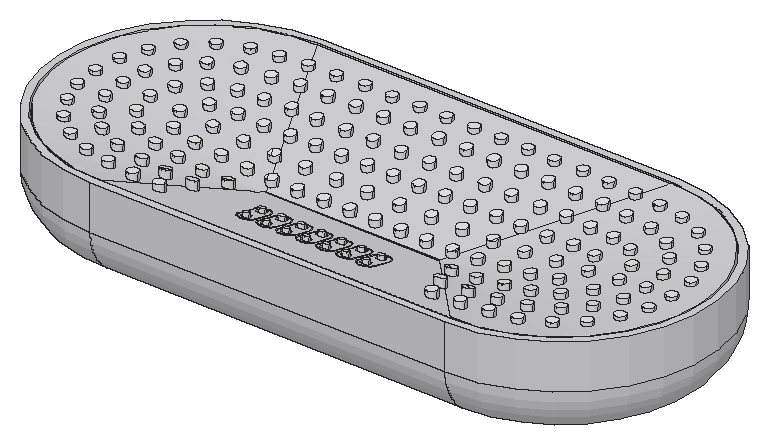
Revit family "Shower-Showerhead-KOHLER-K-26297IN", category Plumbing Fixtures, host Face, Revit 2017 (continued)
Definition of nested family "K-26297IN"
  Lines and regions (in)
    symbolic lines, detail levels medium+fine
      curve 97: spline (1.02287, -2.15811, 0) -> (1.0251, -2.17874, 0) -> (1.03284, -2.19808, 0) -> (1.04554, -2.21475, 0) -> (1.06231, -2.22757, 0) -> (1.08195, -2.23565, 0) -> (1.1031, -2.2384, 0) -> (1.12424, -2.23565, 0) -> (1.14388, -2.22757, 0) -> (1.16065, -2.21475, 0) -> (1.17335, -2.19808, 0) -> (1.18109, -2.17874, 0) -> (1.18333, -2.15811, 0)
      curve 98: spline (1.18333, -2.15811, 0) -> (1.18109, -2.13748, 0) -> (1.17335, -2.11815, 0) -> (1.16065, -2.10148, 0) -> (1.14388, -2.08865, 0) -> (1.12424, -2.08058, 0) -> (1.1031, -2.07782, 0) -> (1.08195, -2.08058, 0) -> (1.06231, -2.08865, 0) -> (1.04554, -2.10148, 0) -> (1.03284, -2.11815, 0) -> (1.0251, -2.13748, 0) -> (1.02287, -2.15811, 0)
      curve 99: spline (1.22752, -2.15811, 0) -> (1.22406, -2.19011, 0) -> (1.21205, -2.22009, 0) -> (1.19235, -2.24594, 0) -> (1.16635, -2.26583, 0) -> (1.13588, -2.27835, 0) -> (1.1031, -2.28263, 0) -> (1.07031, -2.27835, 0) -> (1.03984, -2.26583, 0) -> (1.01384, -2.24594, 0) -> (0.99414, -2.22009, 0) -> (0.98213, -2.19011, 0) -> (0.97867, -2.15811, 0)
      curve 100: spline (0.97867, -2.15811, 0) -> (0.98213, -2.12611, 0) -> (0.99414, -2.09613, 0) -> (1.01384, -2.07028, 0) -> (1.03984, -2.0504, 0) -> (1.07031, -2.03787, 0) -> (1.1031, -2.0336, 0) -> (1.13588, -2.03787, 0) -> (1.16635, -2.0504, 0) -> (1.19235, -2.07028, 0) -> (1.21205, -2.09613, 0) -> (1.22406, -2.12611, 0) -> (1.22752, -2.15811, 0)
      curve 101: spline (1.18333, -2.69773, 0) -> (1.18109, -2.6771, 0) -> (1.17335, -2.65776, 0) -> (1.16065, -2.6411, 0) -> (1.14388, -2.62827, 0) -> (1.12424, -2.6202, 0) -> (1.1031, -2.61744, 0) -> (1.08195, -2.6202, 0) -> (1.06231, -2.62827, 0) -> (1.04554, -2.6411, 0) -> (1.03284, -2.65776, 0) -> (1.0251, -2.6771, 0) -> (1.02287, -2.69773, 0)
      curve 102: spline (1.02287, -2.69773, 0) -> (1.0251, -2.71836, 0) -> (1.03284, -2.73769, 0) -> (1.04554, -2.75436, 0) -> (1.06231, -2.76719, 0) -> (1.08195, -2.77526, 0) -> (1.1031, -2.77802, 0) -> (1.12424, -2.77526, 0) -> (1.14388, -2.76719, 0) -> (1.16065, -2.75436, 0) -> (1.17335, -2.73769, 0) -> (1.18109, -2.71836, 0) -> (1.18333, -2.69773, 0)
      curve 103: spline (0.97867, -2.69773, 0) -> (0.98213, -2.66573, 0) -> (0.99414, -2.63575, 0) -> (1.01384, -2.6099, 0) -> (1.03984, -2.59001, 0) -> (1.07031, -2.57749, 0) -> (1.1031, -2.57321, 0) -> (1.13588, -2.57749, 0) -> (1.16635, -2.59001, 0) -> (1.19235, -2.6099, 0) -> (1.21205, -2.63575, 0) -> (1.22406, -2.66573, 0) -> (1.22752, -2.69773, 0)
      curve 104: spline (1.22752, -2.69773, 0) -> (1.22406, -2.72973, 0) -> (1.21205, -2.75971, 0) -> (1.19235, -2.78556, 0) -> (1.16635, -2.80544, 0) -> (1.13588, -2.81797, 0) -> (1.1031, -2.82224, 0) -> (1.07031, -2.81797, 0) -> (1.03984, -2.80544, 0) -> (1.01384, -2.78556, 0) -> (0.99414, -2.75971, 0) -> (0.98213, -2.72973, 0) -> (0.97867, -2.69773, 0)
      curve 105: line (0.88549, -2.15417, 0) -> (0.88549, -2.68321, 0)
      curve 106: spline (0.88634, -2.68324, 0) -> (0.89236, -2.73879, 0) -> (0.9132, -2.79083, 0) -> (0.9474, -2.83571, 0) -> (0.99254, -2.87023, 0) -> (1.04544, -2.89197, 0) -> (1.10236, -2.89939, 0) -> (1.15928, -2.89197, 0) -> (1.21218, -2.87023, 0) -> (1.25732, -2.83571, 0) -> (1.29152, -2.79083, 0) -> (1.31237, -2.73879, 0) -> (1.31838, -2.68324, 0)
      curve 107: line (1.31923, -2.68321, 0) -> (1.31923, -2.15417, 0)
      curve 108: spline (1.31838, -2.15415, 0) -> (1.31237, -2.0986, 0) -> (1.29152, -2.04655, 0) -> (1.25732, -2.00168, 0) -> (1.21218, -1.96716, 0) -> (1.15928, -1.94541, 0) -> (1.10236, -1.93799, 0) -> (1.04544, -1.94541, 0) -> (0.99254, -1.96716, 0) -> (0.9474, -2.00168, 0) -> (0.9132, -2.04655, 0) -> (0.89236, -2.0986, 0) -> (0.88634, -2.15415, 0)
      curve 109: line (1.77919, -2.15811, 0) -> (1.77919, -2.69773, 0)
      curve 110: line (1.52986, -2.15813, 0) -> (1.52986, -2.69774, 0)
      curve 111: line (1.88616, -2.68321, 0) -> (1.88616, -2.15417, 0)
      curve 112: arc (1.88616, -2.15417, 0) -> (1.65354, -1.92156, 0) -> (1.42092, -2.15417, 0) r 0.23262
      curve 113: line (1.42092, -2.15417, 0) -> (1.42092, -2.68321, 0)
      curve 114: arc (1.42092, -2.68321, 0) -> (1.65354, -2.91583, 0) -> (1.88616, -2.68321, 0) r 0.23262
      curve 115: spline (1.57405, -2.15811, 0) -> (1.57628, -2.17874, 0) -> (1.58402, -2.19808, 0) -> (1.59672, -2.21475, 0) -> (1.61349, -2.22757, 0) -> (1.63314, -2.23565, 0) -> (1.65428, -2.2384, 0) -> (1.67542, -2.23565, 0) -> (1.69507, -2.22757, 0) -> (1.71183, -2.21475, 0) -> (1.72453, -2.19808, 0) -> (1.73227, -2.17874, 0) -> (1.73451, -2.15811, 0)
      curve 116: spline (1.73451, -2.15811, 0) -> (1.73227, -2.13748, 0) -> (1.72453, -2.11815, 0) -> (1.71183, -2.10148, 0) -> (1.69507, -2.08865, 0) -> (1.67542, -2.08058, 0) -> (1.65428, -2.07782, 0) -> (1.63314, -2.08058, 0) -> (1.61349, -2.08865, 0) -> (1.59672, -2.10148, 0) -> (1.58402, -2.11815, 0) -> (1.57628, -2.13748, 0) -> (1.57405, -2.15811, 0)
      curve 117: spline (1.7787, -2.15811, 0) -> (1.77524, -2.19011, 0) -> (1.76323, -2.22009, 0) -> (1.74354, -2.24594, 0) -> (1.71753, -2.26583, 0) -> (1.68706, -2.27835, 0) -> (1.65428, -2.28263, 0) -> (1.62149, -2.27835, 0) -> (1.59102, -2.26583, 0) -> (1.56502, -2.24594, 0) -> (1.54532, -2.22009, 0) -> (1.53332, -2.19011, 0) -> (1.52986, -2.15811, 0)
      curve 118: spline (1.52986, -2.15811, 0) -> (1.53332, -2.12611, 0) -> (1.54532, -2.09613, 0) -> (1.56502, -2.07028, 0) -> (1.59102, -2.0504, 0) -> (1.62149, -2.03787, 0) -> (1.65428, -2.0336, 0) -> (1.68706, -2.03787, 0) -> (1.71753, -2.0504, 0) -> (1.74354, -2.07028, 0) -> (1.76323, -2.09613, 0) -> (1.77524, -2.12611, 0) -> (1.7787, -2.15811, 0)
      curve 119: spline (1.73451, -2.69773, 0) -> (1.73227, -2.6771, 0) -> (1.72453, -2.65776, 0) -> (1.71183, -2.6411, 0) -> (1.69507, -2.62827, 0) -> (1.67542, -2.6202, 0) -> (1.65428, -2.61744, 0) -> (1.63314, -2.6202, 0) -> (1.61349, -2.62827, 0) -> (1.59672, -2.6411, 0) -> (1.58402, -2.65776, 0) -> (1.57628, -2.6771, 0) -> (1.57405, -2.69773, 0)
      curve 120: spline (1.57405, -2.69773, 0) -> (1.57628, -2.71836, 0) -> (1.58402, -2.73769, 0) -> (1.59672, -2.75436, 0) -> (1.61349, -2.76719, 0) -> (1.63314, -2.77526, 0) -> (1.65428, -2.77802, 0) -> (1.67542, -2.77526, 0) -> (1.69507, -2.76719, 0) -> (1.71183, -2.75436, 0) -> (1.72453, -2.73769, 0) -> (1.73227, -2.71836, 0) -> (1.73451, -2.69773, 0)
      curve 121: spline (1.52986, -2.69773, 0) -> (1.53332, -2.66573, 0) -> (1.54532, -2.63575, 0) -> (1.56502, -2.6099, 0) -> (1.59102, -2.59001, 0) -> (1.62149, -2.57749, 0) -> (1.65428, -2.57321, 0) -> (1.68706, -2.57749, 0) -> (1.71753, -2.59001, 0) -> (1.74354, -2.6099, 0) -> (1.76323, -2.63575, 0) -> (1.77524, -2.66573, 0) -> (1.7787, -2.69773, 0)
      curve 122: spline (1.7787, -2.69773, 0) -> (1.77524, -2.72973, 0) -> (1.76323, -2.75971, 0) -> (1.74354, -2.78556, 0) -> (1.71753, -2.80544, 0) -> (1.68706, -2.81797, 0) -> (1.65428, -2.82224, 0) -> (1.62149, -2.81797, 0) -> (1.59102, -2.80544, 0) -> (1.56502, -2.78556, 0) -> (1.54532, -2.75971, 0) -> (1.53332, -2.72973, 0) -> (1.52986, -2.69773, 0)
      curve 123: line (1.43667, -2.15417, 0) -> (1.43667, -2.68321, 0)
      curve 124: spline (1.43753, -2.68324, 0) -> (1.44354, -2.73879, 0) -> (1.46438, -2.79083, 0) -> (1.49858, -2.83571, 0) -> (1.54373, -2.87023, 0) -> (1.59662, -2.89197, 0) -> (1.65354, -2.89939, 0) -> (1.71046, -2.89197, 0) -> (1.76336, -2.87023, 0) -> (1.8085, -2.83571, 0) -> (1.8427, -2.79083, 0) -> (1.86355, -2.73879, 0) -> (1.86956, -2.68324, 0)
      curve 125: line (1.87041, -2.68321, 0) -> (1.87041, -2.15417, 0)
      curve 126: spline (1.86956, -2.15415, 0) -> (1.86355, -2.0986, 0) -> (1.8427, -2.04655, 0) -> (1.8085, -2.00168, 0) -> (1.76336, -1.96716, 0) -> (1.71046, -1.94541, 0) -> (1.65354, -1.93799, 0) -> (1.59662, -1.94541, 0) -> (1.54373, -1.96716, 0) -> (1.49858, -2.00168, 0) -> (1.46438, -2.04655, 0) -> (1.44354, -2.0986, 0) -> (1.43753, -2.15415, 0)
      curve 127: line (-0.94557, 0, 0.79528) -> (0.94557, 0, 0.79528)
      curve 128: arc (-0.79494, 0, 0.44705) -> (-0.84879, 0, 0.39319) -> (-0.79494, 0, 0.33934) r 0.05385
      curve 129: line (-0.79494, 0, 0.33934) -> (-0.09031, 0, 0.33934)
      curve 130: line (-0.09068, 0, 0.44705) -> (-0.79494, 0, 0.44705)
      curve 131: line (0.79494, 0, 0.44705) -> (0.09068, 0, 0.44705)
      curve 132: arc (0.79494, 0, 0.33934) -> (0.84879, 0, 0.39319) -> (0.79494, 0, 0.44705) r 0.05385
      curve 133: line (0.09031, 0, 0.33934) -> (0.79494, 0, 0.33934)
      curve 134: arc (0, 0, 0.28819) -> (0.10531, 0, 0.3935) -> (0, 0, 0.49881) r 0.10531
      curve 135: arc (0, 0, 0.49881) -> (-0.10531, 0, 0.3935) -> (0, 0, 0.28819) r 0.10531
      curve 136: arc (0, 0, 0.47319) -> (-0.07969, 0, 0.3935) -> (0, 0, 0.31381) r 0.07969
      curve 137: arc (0, 0, 0.31381) -> (0.07969, 0, 0.3935) -> (0, 0, 0.47319) r 0.07969
      curve 138: line (-0.66799, 0, 0.33934) -> (-0.66799, 0, 0.44705)
      curve 139: line (-0.19815, 0, 0.44705) -> (-0.19815, 0, 0.33934)
      curve 140: line (0.19815, 0, 0.33934) -> (0.19815, 0, 0.44705)
      curve 141: line (0.66799, 0, 0.44705) -> (0.66799, 0, 0.33934)
      curve 142: line (-0.94557, 0, 0.03205) -> (0.94557, 0, 0.03205)
      curve 145: circle (0, 3.11243, 0) r 0.14404 normal (0, 0, 1)
      curve 146: circle (0.38349, 2.36942, 0) r 0.14404 normal (0, 0, 1)
      curve 147: circle (0.7502, 3.10763, 0) r 0.14404 normal (0, 0, 1)
      curve 148: circle (0.01285, 1.54978, 0) r 0.14404 normal (0, 0, 1)
      curve 149: circle (0.35658, 0.757, 0) r 0.14404 normal (0, 0, 1)
      curve 150: circle (0.35658, -0.74541, 0) r 0.14404 normal (0, 0, 1)
      curve 151: circle (1.06442, -0.75511, 0) r 0.14404 normal (0, 0, 1)
      curve 152: circle (1.78195, -0.7648, 0) r 0.14404 normal (0, 0, 1)
      curve 153: circle (2.49948, -0.7648, 0) r 0.14404 normal (0, 0, 1)
      curve 154: circle (3.18793, -0.74541, 0) r 0.14404 normal (0, 0, 1)
      curve 155: circle (3.09096, -1.53082, 0) r 0.14404 normal (0, 0, 1)
      curve 156: circle (3.7988, -1.55021, 0) r 0.14404 normal (0, 0, 1)
      curve 157: circle (3.43034, -2.33562, 0) r 0.14404 normal (0, 0, 1)
      curve 158: circle (3.76971, -3.06285, 0) r 0.14404 normal (0, 0, 1)
      curve 159: circle (4.52603, -3.03376, 0) r 0.14404 normal (0, 0, 1)
      curve 160: circle (4.18665, -2.32592, 0) r 0.14404 normal (0, 0, 1)
      curve 161: circle (4.51633, -1.49203, 0) r 0.14404 normal (0, 0, 1)
      curve 162: circle (4.91388, -2.23866, 0) r 0.14404 normal (0, 0, 1)
      curve 163: circle (5.26295, -2.95619, 0) r 0.14404 normal (0, 0, 1)
      curve 164: circle (5.97079, -2.83983, 0) r 0.14404 normal (0, 0, 1)
      curve 165: circle (5.6702, -2.13199, 0) r 0.14404 normal (0, 0, 1)
      curve 166: circle (6.35865, -1.81201, 0) r 0.14404 normal (0, 0, 1)
      curve 167: circle (6.66893, -2.51985, 0) r 0.14404 normal (0, 0, 1)
      curve 168: circle (6.83813, -1.32138, 0) r 0.14404 normal (0, 0, 1)
      curve 169: circle (7.25072, -2.03503, 0) r 0.14404 normal (0, 0, 1)
      curve 170: circle (7.65215, -1.39943, 0) r 0.14404 normal (0, 0, 1)
      curve 171: circle (7.90862, -0.73038, 0) r 0.14404 normal (0, 0, 1)
      curve 172: circle (7.17266, -0.68578, 0) r 0.14404 normal (0, 0, 1)
      curve 173: circle (6.32519, -0.66348, 0) r 0.14404 normal (0, 0, 1)
      curve 174: circle (5.84571, -1.19872, 0) r 0.14404 normal (0, 0, 1)
      curve 175: circle (5.19896, -1.42173, 0) r 0.14404 normal (0, 0, 1)
      curve 176: circle (5.33277, -0.61887, 0) r 0.14404 normal (0, 0, 1)
      curve 177: circle (4.64142, -0.74153, 0) r 0.14404 normal (0, 0, 1)
      curve 178: circle (3.91661, -0.73038, 0) r 0.14404 normal (0, 0, 1)
      curve 179: circle (2.49948, 0.7648, 0) r 0.14404 normal (0, 0, -1)
      curve 180: circle (3.18793, 0.74541, 0) r 0.14404 normal (0, 0, -1)
      curve 181: circle (3.09096, 1.53082, 0) r 0.14404 normal (0, 0, -1)
      curve 182: circle (3.7988, 1.55021, 0) r 0.14404 normal (0, 0, -1)
      curve 183: circle (3.43034, 2.33562, 0) r 0.14404 normal (0, 0, -1)
      curve 184: circle (3.76971, 3.06285, 0) r 0.14404 normal (0, 0, -1)
      curve 185: circle (4.52603, 3.03376, 0) r 0.14404 normal (0, 0, -1)
      curve 186: circle (4.18665, 2.32592, 0) r 0.14404 normal (0, 0, -1)
      curve 187: circle (4.51633, 1.49203, 0) r 0.14404 normal (0, 0, -1)
      curve 188: circle (4.91388, 2.23866, 0) r 0.14404 normal (0, 0, -1)
      curve 189: circle (5.26295, 2.95619, 0) r 0.14404 normal (0, 0, -1)
      curve 190: circle (5.97079, 2.83983, 0) r 0.14404 normal (0, 0, -1)
      curve 191: circle (5.6702, 2.13199, 0) r 0.14404 normal (0, 0, -1)
      curve 192: circle (6.35865, 1.81201, 0) r 0.14404 normal (0, 0, -1)
      curve 193: circle (6.66893, 2.51985, 0) r 0.14404 normal (0, 0, -1)
      curve 194: circle (6.83813, 1.32138, 0) r 0.14404 normal (0, 0, -1)
      curve 195: circle (7.25072, 2.03503, 0) r 0.14404 normal (0, 0, -1)
      curve 196: circle (7.65215, 1.39943, 0) r 0.14404 normal (0, 0, -1)
      curve 197: circle (7.90862, 0.73038, 0) r 0.14404 normal (0, 0, -1)
      curve 198: circle (7.17266, 0.68578, 0) r 0.14404 normal (0, 0, -1)
      curve 199: circle (6.32519, 0.66348, 0) r 0.14404 normal (0, 0, -1)
      curve 200: circle (5.84571, 1.19872, 0) r 0.14404 normal (0, 0, -1)
      curve 201: circle (5.19896, 1.42173, 0) r 0.14404 normal (0, 0, -1)
      curve 202: circle (5.33277, 0.61887, 0) r 0.14404 normal (0, 0, -1)
      curve 203: circle (4.64142, 0.74153, 0) r 0.14404 normal (0, 0, -1)
      curve 204: circle (3.91661, 0.73038, 0) r 0.14404 normal (0, 0, -1)
      curve 205: circle (0.44579, -0.0206, 0) r 0.14404 normal (0, 0, 1)
      curve 206: circle (1.31555, -0.00945, 0) r 0.14404 normal (0, 0, 1)
      curve 207: circle (2.17417, -0.00945, 0) r 0.14404 normal (0, 0, 1)
      curve 208: circle (3.02163, -0.00945, 0) r 0.14404 normal (0, 0, 1)
      curve 209: circle (3.8914, 0.0017, 0) r 0.14404 normal (0, 0, 1)
      curve 210: circle (4.75001, 0.01285, 0) r 0.14404 normal (0, 0, 1)
      curve 211: circle (5.65323, 0.0017, 0) r 0.14404 normal (0, 0, 1)
      curve 212: circle (6.48955, 0.01285, 0) r 0.14404 normal (0, 0, 1)
      curve 213: circle (7.23666, 0.01285, 0) r 0.14404 normal (0, 0, 1)
      curve 214: circle (7.97261, -0.0206, 0) r 0.14404 normal (0, 0, 1)
      curve 215: circle (1.07411, 0.7648, 0) r 0.14404 normal (0, 0, -1)
      curve 216: circle (1.78195, 0.75511, 0) r 0.14404 normal (0, 0, -1)
      curve 217: circle (1.54923, 1.55021, 0) r 0.14404 normal (0, 0, -1)
      curve 218: circle (0.76383, 1.54051, 0) r 0.14404 normal (0, 0, -1)
      curve 219: circle (1.15168, 2.35501, 0) r 0.14404 normal (0, 0, -1)
      curve 220: circle (1.908, 2.36471, 0) r 0.14404 normal (0, 0, -1)
      curve 221: circle (2.66432, 2.35501, 0) r 0.14404 normal (0, 0, -1)
      curve 222: circle (2.29586, 1.54051, 0) r 0.14404 normal (0, 0, -1)
      curve 223: circle (3.01339, 3.11133, 0) r 0.14404 normal (0, 0, -1)
      curve 224: circle (2.24738, 3.08224, 0) r 0.14404 normal (0, 0, -1)
      curve 225: circle (1.50075, 3.11133, 0) r 0.14404 normal (0, 0, -1)
      curve 226: circle (-0.38349, 2.36942, 0) r 0.14404 normal (0, 0, -1)
      curve 227: circle (-0.7502, 3.10763, 0) r 0.14404 normal (0, 0, -1)
      curve 228: circle (-0.35658, 0.757, 0) r 0.14404 normal (0, 0, -1)
      curve 229: circle (-0.35658, -0.74541, 0) r 0.14404 normal (0, 0, -1)
      curve 230: circle (-1.06442, -0.75511, 0) r 0.14404 normal (0, 0, -1)
      curve 231: circle (-1.78195, -0.7648, 0) r 0.14404 normal (0, 0, -1)
      curve 232: circle (-2.49948, -0.7648, 0) r 0.14404 normal (0, 0, -1)
      curve 233: circle (-3.18793, -0.74541, 0) r 0.14404 normal (0, 0, -1)
      curve 234: circle (-3.09096, -1.53082, 0) r 0.14404 normal (0, 0, -1)
      curve 235: circle (-3.7988, -1.55021, 0) r 0.14404 normal (0, 0, -1)
      curve 236: circle (-3.43034, -2.33562, 0) r 0.14404 normal (0, 0, -1)
      curve 237: circle (-3.76971, -3.06285, 0) r 0.14404 normal (0, 0, -1)
      curve 238: circle (-4.52603, -3.03376, 0) r 0.14404 normal (0, 0, -1)
      curve 239: circle (-4.18665, -2.32592, 0) r 0.14404 normal (0, 0, -1)
      curve 240: circle (-4.51633, -1.49203, 0) r 0.14404 normal (0, 0, -1)
      curve 241: circle (-4.91388, -2.23866, 0) r 0.14404 normal (0, 0, -1)
      curve 242: circle (-5.26295, -2.95619, 0) r 0.14404 normal (0, 0, -1)
      curve 243: circle (-5.97079, -2.83983, 0) r 0.14404 normal (0, 0, -1)
      curve 244: circle (-5.6702, -2.13199, 0) r 0.14404 normal (0, 0, -1)
      curve 245: circle (-6.35865, -1.81201, 0) r 0.14404 normal (0, 0, -1)
      curve 246: circle (-6.66893, -2.51985, 0) r 0.14404 normal (0, 0, -1)
      curve 247: circle (-6.83813, -1.32138, 0) r 0.14404 normal (0, 0, -1)
      curve 248: circle (-7.25072, -2.03503, 0) r 0.14404 normal (0, 0, -1)
      curve 249: circle (-7.65215, -1.39943, 0) r 0.14404 normal (0, 0, -1)
      curve 250: circle (-7.90862, -0.73038, 0) r 0.14404 normal (0, 0, -1)
      curve 251: circle (-7.17266, -0.68578, 0) r 0.14404 normal (0, 0, -1)
      curve 252: circle (-6.32519, -0.66348, 0) r 0.14404 normal (0, 0, -1)
      curve 253: circle (-5.84571, -1.19872, 0) r 0.14404 normal (0, 0, -1)
      curve 254: circle (-5.19896, -1.42173, 0) r 0.14404 normal (0, 0, -1)
      curve 255: circle (-5.33277, -0.61887, 0) r 0.14404 normal (0, 0, -1)
      curve 256: circle (-4.64142, -0.74153, 0) r 0.14404 normal (0, 0, -1)
      curve 257: circle (-3.91661, -0.73038, 0) r 0.14404 normal (0, 0, -1)
      curve 258: circle (-2.49948, 0.7648, 0) r 0.14404 normal (0, 0, 1)
      curve 259: circle (-3.18793, 0.74541, 0) r 0.14404 normal (0, 0, 1)
      curve 260: circle (-3.09096, 1.53082, 0) r 0.14404 normal (0, 0, 1)
      curve 261: circle (-3.7988, 1.55021, 0) r 0.14404 normal (0, 0, 1)
      curve 262: circle (-3.43034, 2.33562, 0) r 0.14404 normal (0, 0, 1)
      curve 263: circle (-3.76971, 3.06285, 0) r 0.14404 normal (0, 0, 1)
      curve 264: circle (-4.52603, 3.03376, 0) r 0.14404 normal (0, 0, 1)
      curve 265: circle (-4.18665, 2.32592, 0) r 0.14404 normal (0, 0, 1)
      curve 266: circle (-4.51633, 1.49203, 0) r 0.14404 normal (0, 0, 1)
      curve 267: circle (-4.91388, 2.23866, 0) r 0.14404 normal (0, 0, 1)
      curve 268: circle (-5.26295, 2.95619, 0) r 0.14404 normal (0, 0, 1)
      curve 269: circle (-5.97079, 2.83983, 0) r 0.14404 normal (0, 0, 1)
      curve 270: circle (-5.6702, 2.13199, 0) r 0.14404 normal (0, 0, 1)
      curve 271: circle (-6.35865, 1.81201, 0) r 0.14404 normal (0, 0, 1)
      curve 272: circle (-6.66893, 2.51985, 0) r 0.14404 normal (0, 0, 1)
      curve 273: circle (-6.83813, 1.32138, 0) r 0.14404 normal (0, 0, 1)
      curve 274: circle (-7.25072, 2.03503, 0) r 0.14404 normal (0, 0, 1)
      curve 275: circle (-7.65215, 1.39943, 0) r 0.14404 normal (0, 0, 1)
      curve 276: circle (-7.90862, 0.73038, 0) r 0.14404 normal (0, 0, 1)
      curve 277: circle (-7.17266, 0.68578, 0) r 0.14404 normal (0, 0, 1)
      curve 278: circle (-6.32519, 0.66348, 0) r 0.14404 normal (0, 0, 1)
      curve 279: circle (-5.84571, 1.19872, 0) r 0.14404 normal (0, 0, 1)
      curve 280: circle (-5.19896, 1.42173, 0) r 0.14404 normal (0, 0, 1)
      curve 281: circle (-5.33277, 0.61887, 0) r 0.14404 normal (0, 0, 1)
      curve 282: circle (-4.64142, 0.74153, 0) r 0.14404 normal (0, 0, 1)
      curve 283: circle (-3.91661, 0.73038, 0) r 0.14404 normal (0, 0, 1)
      curve 284: circle (-0.44579, -0.0206, 0) r 0.14404 normal (0, 0, -1)
      curve 285: circle (-1.31555, -0.00945, 0) r 0.14404 normal (0, 0, -1)
      curve 286: circle (-2.17417, -0.00945, 0) r 0.14404 normal (0, 0, -1)
      curve 287: circle (-3.02163, -0.00945, 0) r 0.14404 normal (0, 0, -1)
      curve 288: circle (-3.8914, 0.0017, 0) r 0.14404 normal (0, 0, -1)
      curve 289: circle (-4.75001, 0.01285, 0) r 0.14404 normal (0, 0, -1)
      curve 290: circle (-5.65323, 0.0017, 0) r 0.14404 normal (0, 0, -1)
      curve 291: circle (-6.48955, 0.01285, 0) r 0.14404 normal (0, 0, -1)
      curve 292: circle (-7.23666, 0.01285, 0) r 0.14404 normal (0, 0, -1)
      curve 293: circle (-7.97261, -0.0206, 0) r 0.14404 normal (0, 0, -1)
      curve 294: circle (-1.07411, 0.7648, 0) r 0.14404 normal (0, 0, 1)
      curve 295: circle (-1.78195, 0.75511, 0) r 0.14404 normal (0, 0, 1)
      curve 296: circle (-1.54923, 1.55021, 0) r 0.14404 normal (0, 0, 1)
      curve 297: circle (-0.76383, 1.54051, 0) r 0.14404 normal (0, 0, 1)
      curve 298: circle (-1.15168, 2.35501, 0) r 0.14404 normal (0, 0, 1)
      curve 299: circle (-1.908, 2.36471, 0) r 0.14404 normal (0, 0, 1)
      curve 300: circle (-2.66432, 2.35501, 0) r 0.14404 normal (0, 0, 1)
      curve 301: circle (-2.29586, 1.54051, 0) r 0.14404 normal (0, 0, 1)
      curve 302: circle (-3.01339, 3.11133, 0) r 0.14404 normal (0, 0, 1)
      curve 303: circle (-2.24738, 3.08224, 0) r 0.14404 normal (0, 0, 1)
      curve 304: circle (-1.50075, 3.11133, 0) r 0.14404 normal (0, 0, 1)
      curve 305: line (-4.91948, 3.83661, 0) -> (4.91948, 3.83661, 0)
      curve 306: arc (4.91948, 3.83661, 0) -> (8.75609, 0, 0) -> (4.91948, -3.83661, 0) r 3.83661
      curve 307: line (4.91948, -3.83661, 0) -> (-4.91948, -3.83661, 0)
      curve 308: arc (-4.91948, -3.83661, 0) -> (-8.75609, 0, 0) -> (-4.91948, 3.83661, 0) r 3.83661
      curve 309: line (-4.91948, 3.78543, 0) -> (4.91948, 3.78543, 0)
      curve 310: arc (4.91948, 3.78543, 0) -> (8.70491, 0, 0) -> (4.91948, -3.78543, 0) r 3.78543
      curve 311: line (4.91948, -3.78543, 0) -> (-4.91948, -3.78543, 0)
      curve 312: arc (-4.91948, -3.78543, 0) -> (-8.70491, 0, 0) -> (-4.91948, 3.78543, 0) r 3.78543
      curve 313: line (2.4246, -1.06859, 0) -> (-2.4246, -1.06859, 0)
      curve 314: line (-2.42478, -1.11253, 0) -> (2.4246, -1.11253, 0)
      curve 315: line (2.4246, -1.11253, 0) -> (3.41373, -2.19254, 0)
      curve 316: line (2.4246, -1.11253, 0) -> (2.4246, -1.06859, 0)
      curve 317: line (4.89345, 3.78543, 0) -> (4.57922, 3.16762, 0)
      curve 318: line (-2.42478, -1.11253, 0) -> (-3.41383, -2.19253, 0)
      curve 319: line (3.57141, -2.3647, 0) -> (4.8726, -3.78543, 0)
      curve 320: line (2.50592, -0.9087, 0) -> (2.4246, -1.06859, 0)
      curve 321: line (2.91439, -0.10561, 0) -> (2.61957, -0.68526, 0)
      curve 322: line (3.70222, 1.44335, 0) -> (3.03618, 0.13385, 0)
      curve 323: line (4.09472, 2.21504, 0) -> (3.82828, 1.6912, 0)
      curve 324: line (4.44917, 2.91194, 0) -> (4.22212, 2.46553, 0)
      curve 325: line (-4.89345, 3.78543, 0) -> (-4.57922, 3.16762, 0)
      curve 326: line (-2.50592, -0.9087, 0) -> (-2.4246, -1.06859, 0)
      curve 327: line (-2.91439, -0.10561, 0) -> (-2.61957, -0.68526, 0)
      curve 328: line (-3.70222, 1.44335, 0) -> (-3.03618, 0.13385, 0)
      curve 329: line (-4.09472, 2.21504, 0) -> (-3.82828, 1.6912, 0)
      curve 330: line (-4.44917, 2.91194, 0) -> (-4.22212, 2.46553, 0)
      curve 331: line (-3.57143, -2.36461, 0) -> (-4.87261, -3.78543, 0)
    symbolic lines, detail levels fine
      curve 143: line (0, -0.47727, 0.0315) -> (0, 0.47706, 0.0315)
      curve 144: line (0, 0.47733, 0.79528) -> (0, -0.47733, 0.79528)
  Dimensions and locks (in)
    plane 7 to level = 3.41339"
    plane 5 to plane 4 = 8.06693"
    plane 7 to plane 6 = 2.61811"
    plane 8 to plane 9 = 0.86614"
    aligned and locked: plane 2 to level
Types (7): name | Type | Model | Finish
  (no name) | 1 | "K-26297IN-CP" | Kohler-Plastic-CP-Polished_Chrome
  CP- Polished Chrome | 1 | "K-26297IN-CP" | Kohler-Plastic-CP-Polished_Chrome
  BL- Matte Black | 2 | "K-26297IN-BL" | Kohler-Plastic-BL-Matte_Black
  BN- Brushed Nickel | 3 | "K-26297IN-BN" | KOHLER-Plastic-BN-Vibrant_Brushed_Nickel
  BV- Brushed Bronze | 4 | "K-26297IN-BV" | Kohler-Plastic-BV-Vibrant-Brushed-Bronze
  AF- French Gold | 5 | "K-26297IN-AF" | KOHLER-Plastic-AF-Vibrant_French_Gold
  RGD- Rose Gold | 6 | "K-26297IN-RGD" | Kohler-Plastic-RGD-Rose_Gold
